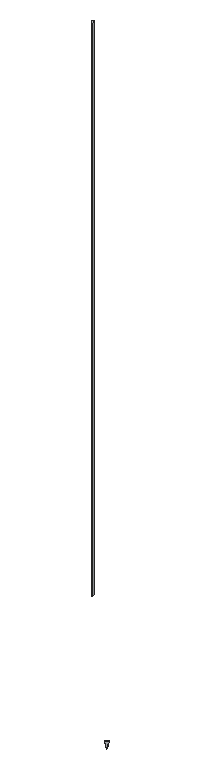
Revit family "Genelec_4436", category Generic Models, Revit 2025
Family settings
  Can host rebar = No
  Round Connector Dimension = Use Diameter
  Part Type = Normal
  Work Plane-Based = Yes
  Always vertical = No
  Cut with Voids When Loaded = No
  Maintain Annotation Orientation = No
  Shared = No
  Room Calculation Point = Yes
Parameters (values of type "4436A")
  Width = 294 mm
  Weight = 5.3
  Uniclass 2.0 Description = "Sound Amplifiers"
  URL = "https://www.genelec.com/4436a"
  Type Image = <None>
  Type IFC Predefined Type = "SPEAKER"
  Type Comments = ""
  Total Delay Info = ""
  Tag = ""
  Product Group = "4000 Series Installation Speakers"
  Product Family = "Installation Speaker"
  Power consumption Standby = "4W"
  Power consumption Idle = "5W"
  Maximum long term RMS acoustic output in same conditions with IEC weighted noise (limited by driver unit protection circuit) = "≥ 96 dB SPL"
  Max. short term sine wave acoustic output  on axis in half space, averaged from 100Hz to 3 kHz = "≥ 104 dB SPL"
  Manufacturer Country = "Finland"
  IFC Classification = "Electric Appliance"
  Free field frequency response of system = "70 Hz – 20 kHz"
  Dist to Ceiling [instance] = 1200 mm
  Show Suspension Cable = no
  Color = none
  Self-generated Noise = "≤10 dB"
  SPL = 104
  Power Consumption = 5 W
  Mounting Type = "Pendant"
  Model Name = "4436A"
  Model Description = "Smart IP Pendant Installation Speaker"
  Model = "4436A"
  Manufacturer = "GENELEC"
  Mains Voltage = "PoE+/PoE"
  IFC Name = "4436A"
  Height = 237 mm
  Harmonic Distortion = "70…200 Hz <5 %; > 200 Hz ≤0.5 %"
  Group Delay = ""
  Frequency Response = "62 Hz - 39 kHz (-6 dB)"
  Finish Type = ""
  Family Version = ""
  Export Type to IFC As = "IfcAudioVisualApplianceType"
  Direction Arrow [instance] = yes
  Description = "The Smart IP 4436A hanging pendant loudspeaker is specially designed for AV installations in open high-ceiling spaces"
  Depth = 294 mm
  Default Elevation = 2300 mm
  Crossover Type = "Bass/Treble"
  Crossover Frequency = "2.9 kHz"
  Connections = "1 x RJ45 AES67 / Dante Input; 1 x Euroblock Analog Input"
  BIMobject category = "Audio Electronics"
  Acoustic Axis = "35mm from center"
  Accuracy of Frequency Response = "± 2.5 dB (70 Hz - 20 kHz)"
Reference planes
  plane 1 "Mitte (Vorne/hinten)": y = 0
  plane 2: z = 0
  plane 3 "Mitte (Links/rechts)": x = 0
  plane 4: z = 1200
Forms (mm)
  Extrusion 1, solid
    sketch origin (0, 0, 0) x (1, 0, 0) y (0, 1, 0)
      loop
        circle (0, 0) r 1.5
    from 228.506 to 1200
  Revolve 2, solid, visible <- "Direction Arrow"
    sketch origin (0, 35, 178) x (1, 0, 0) y (0, 0, 1)
      loop
        line (0, -224.533) -> (3.027, -212.76) -> (0, -212.76) -> (0, -224.533)
      axis (0, -212.76) -> (0, -224.533)
    angle from 0 to 360
Lines and regions (mm)
  model lines, visible <- "Direction Arrow"
    curve 1: line (0, 35, 0) -> (0, 35, -46.533)
Text (mm)
  text "Hinweis:\n\nÄndern Sie die Familienkategorie, um die passende Kategorie festzulegen.\nLöschen Sie diesen Hinweis und das Bild, bevor die Familie in das Projekt geladen wird!" at (357.802, 307.247, 0), in view "Referenzebene"
Dimensions and locks
  "Dist to Ceiling": plane 4 to plane 2
  aligned and locked: plane 4 to Extrusion 1
  aligned and locked: level to plane 2
  aligned and locked: Revolve 2 sketch curve to curve 1
  aligned and locked: nested 1 to Extrusion 1
Automatic sketch dimensions
  plane 1 "Mitte (Vorne/hinten)" to Extrusion 1 sketch curve = 0 mm
  Extrusion 1 sketch curve to plane 3 "Mitte (Links/rechts)" = 0 mm
  Revolve 2 sketch curve to plane 3 "Mitte (Links/rechts)" = 0 mm
  Revolve 2 sketch curve to level = 0 mm
  Revolve 2 sketch curve to Revolve 2 sketch curve = 3.027 mm
  Revolve 2 sketch curve to level = 34.76 mm
  Revolve 2 sketch curve to Revolve 2 sketch curve = 11.773 mm
  Revolve 2 sketch curve to Revolve 2 sketch curve = 0 mm
  curve 1 to plane 3 "Mitte (Links/rechts)" = 0 mm
  curve 1 to level = 0 mm
  curve 1 to level = 46.533 mm
  radius of Extrusion 1 sketch curve = 1.5 mm
Nested families
  nested 1: "BCK_Genelec_4436_Alle" at (-1.5, 0, 3.506), type "4436"
Definition of nested family "BCK_Genelec_4436_Alle"
  Parameters (values of type "4436")
    Default Elevation = 1 mm
    Color = none
  Reference planes
    plane 1 "Center (Front/Back)": y = 0
    plane 2: z = 0
    plane 3 "Center (Left/Right)": x = 0
  Dimensions and locks
    aligned and locked: level to plane 2
